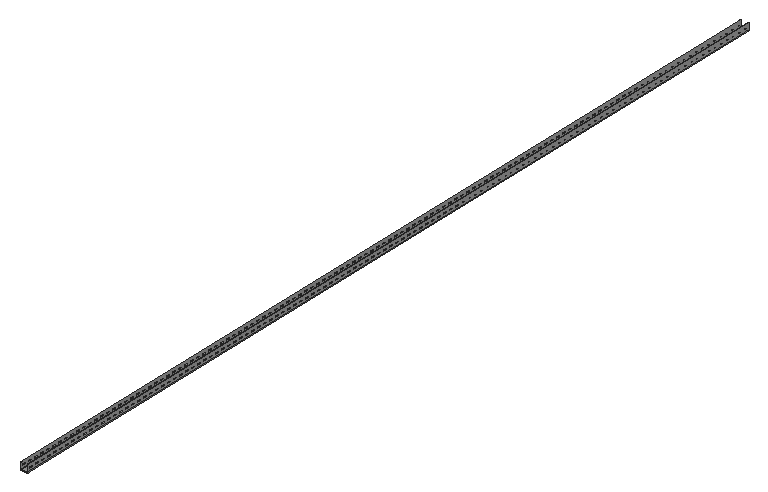
Revit family "U_stiel US 5 20 FT", category Generic Models, Revit 2017 (continued)
Automatic sketch dimensions
  plane 378 to Extrusion 188 sketch curve = 0.125 mm
  Extrusion 188 sketch curve to plane 377 = 5.5 mm
  Extrusion 188 sketch curve to Extrusion 188 sketch curve = 30 mm
  plane 377 to Extrusion 188 sketch curve = 5.5 mm
  plane 380 to Extrusion 189 sketch curve = 0.125 mm
  Extrusion 189 sketch curve to plane 379 = 5.5 mm
  Extrusion 189 sketch curve to Extrusion 189 sketch curve = 30 mm
  plane 379 to Extrusion 189 sketch curve = 5.5 mm
  plane 382 to Extrusion 190 sketch curve = 0.125 mm
  Extrusion 190 sketch curve to plane 381 = 5.5 mm
  Extrusion 190 sketch curve to Extrusion 190 sketch curve = 30 mm
  plane 381 to Extrusion 190 sketch curve = 5.5 mm
  plane 384 to Extrusion 191 sketch curve = 0.125 mm
  Extrusion 191 sketch curve to plane 383 = 5.5 mm
  Extrusion 191 sketch curve to Extrusion 191 sketch curve = 30 mm
  plane 383 to Extrusion 191 sketch curve = 5.5 mm
  plane 386 to Extrusion 192 sketch curve = 0.125 mm
  Extrusion 192 sketch curve to plane 385 = 5.5 mm
  Extrusion 192 sketch curve to Extrusion 192 sketch curve = 30 mm
  plane 385 to Extrusion 192 sketch curve = 5.5 mm
  plane 388 to Extrusion 193 sketch curve = 0.125 mm
  Extrusion 193 sketch curve to plane 387 = 5.5 mm
  Extrusion 193 sketch curve to Extrusion 193 sketch curve = 30 mm
  plane 387 to Extrusion 193 sketch curve = 5.5 mm
  plane 390 to Extrusion 194 sketch curve = 0.125 mm
  Extrusion 194 sketch curve to plane 389 = 5.5 mm
  Extrusion 194 sketch curve to Extrusion 194 sketch curve = 30 mm
  plane 389 to Extrusion 194 sketch curve = 5.5 mm
  plane 392 to Extrusion 195 sketch curve = 0.125 mm
  Extrusion 195 sketch curve to plane 391 = 5.5 mm
  Extrusion 195 sketch curve to Extrusion 195 sketch curve = 30 mm
  plane 391 to Extrusion 195 sketch curve = 5.5 mm
  plane 394 to Extrusion 196 sketch curve = 0.125 mm
  Extrusion 196 sketch curve to plane 393 = 5.5 mm
  Extrusion 196 sketch curve to Extrusion 196 sketch curve = 30 mm
  plane 393 to Extrusion 196 sketch curve = 5.5 mm
  plane 396 to Extrusion 197 sketch curve = 0.125 mm
  Extrusion 197 sketch curve to plane 395 = 5.5 mm
  Extrusion 197 sketch curve to Extrusion 197 sketch curve = 30 mm
  plane 395 to Extrusion 197 sketch curve = 5.5 mm
  plane 398 to Extrusion 198 sketch curve = 0.125 mm
  Extrusion 198 sketch curve to plane 397 = 5.5 mm
  Extrusion 198 sketch curve to Extrusion 198 sketch curve = 30 mm
  plane 397 to Extrusion 198 sketch curve = 5.5 mm
  plane 400 to Extrusion 199 sketch curve = 0.125 mm
  Extrusion 199 sketch curve to plane 399 = 5.5 mm
  Extrusion 199 sketch curve to Extrusion 199 sketch curve = 30 mm
  plane 399 to Extrusion 199 sketch curve = 5.5 mm
  plane 402 to Extrusion 200 sketch curve = 0.125 mm
  Extrusion 200 sketch curve to plane 401 = 5.5 mm
  Extrusion 200 sketch curve to Extrusion 200 sketch curve = 30 mm
  plane 401 to Extrusion 200 sketch curve = 5.5 mm
  plane 404 to Extrusion 201 sketch curve = 0.125 mm
  Extrusion 201 sketch curve to plane 403 = 5.5 mm
  Extrusion 201 sketch curve to Extrusion 201 sketch curve = 30 mm
  plane 403 to Extrusion 201 sketch curve = 5.5 mm
  plane 406 to Extrusion 202 sketch curve = 0.125 mm
  Extrusion 202 sketch curve to plane 405 = 5.5 mm
  Extrusion 202 sketch curve to Extrusion 202 sketch curve = 30 mm
  plane 405 to Extrusion 202 sketch curve = 5.5 mm
  plane 408 to Extrusion 203 sketch curve = 0.125 mm
  Extrusion 203 sketch curve to plane 407 = 5.5 mm
  Extrusion 203 sketch curve to Extrusion 203 sketch curve = 30 mm
  plane 407 to Extrusion 203 sketch curve = 5.5 mm
  plane 410 to Extrusion 204 sketch curve = 0.125 mm
  Extrusion 204 sketch curve to plane 409 = 5.5 mm
  Extrusion 204 sketch curve to Extrusion 204 sketch curve = 30 mm
  plane 409 to Extrusion 204 sketch curve = 5.5 mm
  plane 412 to Extrusion 205 sketch curve = 0.125 mm
  Extrusion 205 sketch curve to plane 411 = 5.5 mm
  Extrusion 205 sketch curve to Extrusion 205 sketch curve = 30 mm
  plane 411 to Extrusion 205 sketch curve = 5.5 mm
  plane 414 to Extrusion 206 sketch curve = 0.125 mm
  Extrusion 206 sketch curve to plane 413 = 5.5 mm
  Extrusion 206 sketch curve to Extrusion 206 sketch curve = 30 mm
  plane 413 to Extrusion 206 sketch curve = 5.5 mm
  plane 416 to Extrusion 207 sketch curve = 0.125 mm
  Extrusion 207 sketch curve to plane 415 = 5.5 mm
  Extrusion 207 sketch curve to Extrusion 207 sketch curve = 30 mm
  plane 415 to Extrusion 207 sketch curve = 5.5 mm
  plane 418 to Extrusion 208 sketch curve = 0.125 mm
  Extrusion 208 sketch curve to plane 417 = 5.5 mm
  Extrusion 208 sketch curve to Extrusion 208 sketch curve = 30 mm
  plane 417 to Extrusion 208 sketch curve = 5.5 mm
  plane 420 to Extrusion 209 sketch curve = 0.125 mm
  Extrusion 209 sketch curve to plane 419 = 5.5 mm
  Extrusion 209 sketch curve to Extrusion 209 sketch curve = 30 mm
  plane 419 to Extrusion 209 sketch curve = 5.5 mm
  plane 422 to Extrusion 210 sketch curve = 0.125 mm
  Extrusion 210 sketch curve to plane 421 = 5.5 mm
  Extrusion 210 sketch curve to Extrusion 210 sketch curve = 30 mm
  plane 421 to Extrusion 210 sketch curve = 5.5 mm
  plane 424 to Extrusion 211 sketch curve = 0.125 mm
  Extrusion 211 sketch curve to plane 423 = 5.5 mm
  Extrusion 211 sketch curve to Extrusion 211 sketch curve = 30 mm
  plane 423 to Extrusion 211 sketch curve = 5.5 mm
  plane 426 to Extrusion 212 sketch curve = 0.125 mm
  Extrusion 212 sketch curve to plane 425 = 5.5 mm
  Extrusion 212 sketch curve to Extrusion 212 sketch curve = 30 mm
  plane 425 to Extrusion 212 sketch curve = 5.5 mm
  plane 428 to Extrusion 213 sketch curve = 0.125 mm
  Extrusion 213 sketch curve to plane 427 = 5.5 mm
  Extrusion 213 sketch curve to Extrusion 213 sketch curve = 30 mm
  plane 427 to Extrusion 213 sketch curve = 5.5 mm
  plane 430 to Extrusion 214 sketch curve = 0.125 mm
  Extrusion 214 sketch curve to plane 429 = 5.5 mm
  Extrusion 214 sketch curve to Extrusion 214 sketch curve = 30 mm
  plane 429 to Extrusion 214 sketch curve = 5.5 mm
  plane 432 to Extrusion 215 sketch curve = 0.125 mm
  Extrusion 215 sketch curve to plane 431 = 5.5 mm
  Extrusion 215 sketch curve to Extrusion 215 sketch curve = 30 mm
  plane 431 to Extrusion 215 sketch curve = 5.5 mm
  plane 434 to Extrusion 216 sketch curve = 0.125 mm
  Extrusion 216 sketch curve to plane 433 = 5.5 mm
  Extrusion 216 sketch curve to Extrusion 216 sketch curve = 30 mm
  plane 433 to Extrusion 216 sketch curve = 5.5 mm
  plane 436 to Extrusion 217 sketch curve = 0.125 mm
  Extrusion 217 sketch curve to plane 435 = 5.5 mm
  Extrusion 217 sketch curve to Extrusion 217 sketch curve = 30 mm
  plane 435 to Extrusion 217 sketch curve = 5.5 mm
  plane 438 to Extrusion 218 sketch curve = 0.125 mm
  Extrusion 218 sketch curve to plane 437 = 5.5 mm
  Extrusion 218 sketch curve to Extrusion 218 sketch curve = 30 mm
  plane 437 to Extrusion 218 sketch curve = 5.5 mm
  plane 440 to Extrusion 219 sketch curve = 0.125 mm
  Extrusion 219 sketch curve to plane 439 = 5.5 mm
  Extrusion 219 sketch curve to Extrusion 219 sketch curve = 30 mm
  plane 439 to Extrusion 219 sketch curve = 5.5 mm
  plane 442 to Extrusion 220 sketch curve = 0.125 mm
  Extrusion 220 sketch curve to plane 441 = 5.5 mm
  Extrusion 220 sketch curve to Extrusion 220 sketch curve = 30 mm
  plane 441 to Extrusion 220 sketch curve = 5.5 mm
  plane 444 to Extrusion 221 sketch curve = 0.125 mm
  Extrusion 221 sketch curve to plane 443 = 5.5 mm
  Extrusion 221 sketch curve to Extrusion 221 sketch curve = 30 mm
  plane 443 to Extrusion 221 sketch curve = 5.5 mm
  plane 446 to Extrusion 222 sketch curve = 0.125 mm
  Extrusion 222 sketch curve to plane 445 = 5.5 mm
  Extrusion 222 sketch curve to Extrusion 222 sketch curve = 30 mm
  plane 445 to Extrusion 222 sketch curve = 5.5 mm
  plane 448 to Extrusion 223 sketch curve = 0.125 mm
  Extrusion 223 sketch curve to plane 447 = 5.5 mm
  Extrusion 223 sketch curve to Extrusion 223 sketch curve = 30 mm
  plane 447 to Extrusion 223 sketch curve = 5.5 mm
  plane 450 to Extrusion 224 sketch curve = 0.125 mm
  Extrusion 224 sketch curve to plane 449 = 5.5 mm
  Extrusion 224 sketch curve to Extrusion 224 sketch curve = 30 mm
  plane 449 to Extrusion 224 sketch curve = 5.5 mm
  plane 452 to Extrusion 225 sketch curve = 0.125 mm
  Extrusion 225 sketch curve to plane 451 = 5.5 mm
  Extrusion 225 sketch curve to Extrusion 225 sketch curve = 30 mm
  plane 451 to Extrusion 225 sketch curve = 5.5 mm
  plane 454 to Extrusion 226 sketch curve = 0.125 mm
  Extrusion 226 sketch curve to plane 453 = 5.5 mm
  Extrusion 226 sketch curve to Extrusion 226 sketch curve = 30 mm
  plane 453 to Extrusion 226 sketch curve = 5.5 mm
  plane 456 to Extrusion 227 sketch curve = 0.125 mm
  Extrusion 227 sketch curve to plane 455 = 5.5 mm
  Extrusion 227 sketch curve to Extrusion 227 sketch curve = 30 mm
  plane 455 to Extrusion 227 sketch curve = 5.5 mm
  plane 458 to Extrusion 228 sketch curve = 0.125 mm
  Extrusion 228 sketch curve to plane 457 = 5.5 mm
  Extrusion 228 sketch curve to Extrusion 228 sketch curve = 30 mm
  plane 457 to Extrusion 228 sketch curve = 5.5 mm
  plane 460 to Extrusion 229 sketch curve = 0.125 mm
  Extrusion 229 sketch curve to plane 459 = 5.5 mm
  Extrusion 229 sketch curve to Extrusion 229 sketch curve = 30 mm
  plane 459 to Extrusion 229 sketch curve = 5.5 mm
  plane 462 to Extrusion 230 sketch curve = 0.125 mm
  Extrusion 230 sketch curve to plane 461 = 5.5 mm
  Extrusion 230 sketch curve to Extrusion 230 sketch curve = 30 mm
  plane 461 to Extrusion 230 sketch curve = 5.5 mm
  plane 464 to Extrusion 231 sketch curve = 0.125 mm
  Extrusion 231 sketch curve to plane 463 = 5.5 mm
  Extrusion 231 sketch curve to Extrusion 231 sketch curve = 30 mm
  plane 463 to Extrusion 231 sketch curve = 5.5 mm
  plane 466 to Extrusion 232 sketch curve = 0.125 mm
  Extrusion 232 sketch curve to plane 465 = 5.5 mm
  Extrusion 232 sketch curve to Extrusion 232 sketch curve = 30 mm
  plane 465 to Extrusion 232 sketch curve = 5.5 mm
  plane 468 to Extrusion 233 sketch curve = 0.125 mm
  Extrusion 233 sketch curve to plane 467 = 5.5 mm
  Extrusion 233 sketch curve to Extrusion 233 sketch curve = 30 mm
  plane 467 to Extrusion 233 sketch curve = 5.5 mm
  plane 470 to Extrusion 234 sketch curve = 0.125 mm
  Extrusion 234 sketch curve to plane 469 = 5.5 mm
  Extrusion 234 sketch curve to Extrusion 234 sketch curve = 30 mm
  plane 469 to Extrusion 234 sketch curve = 5.5 mm
  plane 472 to Extrusion 235 sketch curve = 0.125 mm
  Extrusion 235 sketch curve to plane 471 = 5.5 mm
  Extrusion 235 sketch curve to Extrusion 235 sketch curve = 30 mm
  plane 471 to Extrusion 235 sketch curve = 5.5 mm
  plane 474 to Extrusion 236 sketch curve = 0.125 mm
  Extrusion 236 sketch curve to plane 473 = 5.5 mm
  Extrusion 236 sketch curve to Extrusion 236 sketch curve = 30 mm
  plane 473 to Extrusion 236 sketch curve = 5.5 mm
  plane 476 to Extrusion 237 sketch curve = 0.125 mm
  Extrusion 237 sketch curve to plane 475 = 5.5 mm
  Extrusion 237 sketch curve to Extrusion 237 sketch curve = 30 mm
  plane 475 to Extrusion 237 sketch curve = 5.5 mm
  plane 478 to Extrusion 238 sketch curve = 0.125 mm
  Extrusion 238 sketch curve to plane 477 = 5.5 mm
  Extrusion 238 sketch curve to Extrusion 238 sketch curve = 30 mm
  plane 477 to Extrusion 238 sketch curve = 5.5 mm
  plane 480 to Extrusion 239 sketch curve = 0.125 mm
  Extrusion 239 sketch curve to plane 479 = 5.5 mm
  Extrusion 239 sketch curve to Extrusion 239 sketch curve = 30 mm
  plane 479 to Extrusion 239 sketch curve = 5.5 mm
  plane 482 to Extrusion 240 sketch curve = 0.125 mm
  Extrusion 240 sketch curve to plane 481 = 5.5 mm
  Extrusion 240 sketch curve to Extrusion 240 sketch curve = 30 mm
  plane 481 to Extrusion 240 sketch curve = 5.5 mm
  plane 484 to Extrusion 241 sketch curve = 0.125 mm
  Extrusion 241 sketch curve to plane 483 = 5.5 mm
  Extrusion 241 sketch curve to Extrusion 241 sketch curve = 30 mm
  plane 483 to Extrusion 241 sketch curve = 5.5 mm
Types (15, lengths in mm): name | Manufacturer Art.No. | Length | GTIN | Cut's number | Article Type
  (no name) | "6340997" | 6000 | "4012196437719" | 120 | "US 5 600 FT"
  US 5 20 FT | "6340881" | 200 | "4012196959006" | 4 | "US 5 20 FT"
  US 5 30 FT | "6340903" | 300 | "4012196959068" | 6 | "US 5 30 FT"
  US 5 40 FT | "6340911" | 400 | "4012196959129" | 8 | "US 5 40 FT"
  US 5 50 FT | "6340938" | 500 | "4012196959181" | 10 | "US 5 50 FT"
  US 5 60 FT | "6340946" | 600 | "4012196601752" | 12 | "US 5 60 FT"
  US 5 70 FT | "6340950" | 700 | "4012196043927" | 14 | "US 5 70 FT"
  US 5 80 FT | "6340954" | 800 | "4012196044047" | 16 | "US 5 80 FT"
  US 5 90 FT | "6340958" | 900 | "4012196044160" | 18 | "US 5 90 FT"
  US 5 100 FT | "6340962" | 1000 | "4012196284177" | 20 | "US 5 100 FT"
  US 5 110 FT | "6340964" | 1100 | "4012195776277" | 22 | "US 5 110 FT"
  US 5 150 FT | "6340966" | 1500 | "4012196437597" | 30 | "US 5 150 FT"
  US 5 200 FT | "6340970" | 2000 | "4012196437658" | 40 | "US 5 200 FT"
  US 5 300 FT | "6340989" | 3000 | "4012196437719" | 60 | "US 5 300 FT"
  US 5 600 FT | "6340997" | 6000 | "4012196437719" | 120 | "US 5 600 FT"
